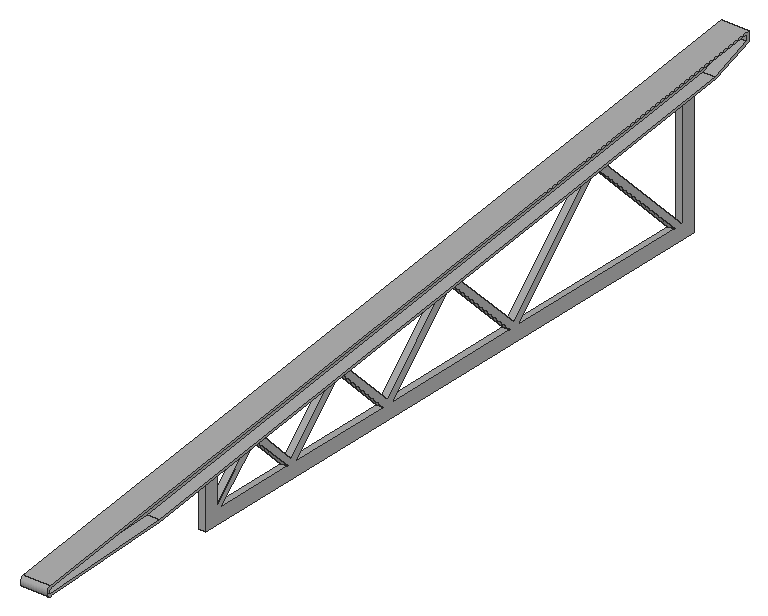
Revit family "STC_A3-Truss-2", category Structural Framing, Revit 2016
Family settings
  Section Shape = Not Defined
  Material for Model Behavior = Other
  Always export as geometry = No
  Work Plane-Based = No
  Always vertical = Yes
  Cut with Voids When Loaded = No
  Symbolic Representation = From Family
  Shared = No
  Show family pre-cut in plan views = Yes
Parameters (values of type "Truss")
  Assembly Code = ""
Reference planes
  plane 1 "Center (Front/Back)": y = 0
  plane 2: z = 0
  plane 3 "Center (Left/Right)": x = 0
  plane 4: through (0, 227.202, 1283.158) normal (0, -0.1305, 0.9914)
  plane 5: y = -6700
  plane 6: y = -7100
  plane 7: y = 300
  plane 8: through (0, 207.623, 1431.875) normal (0, -0.1305, 0.9914)
  plane 9: y = -230
  plane 10: y = -6470
  plane 11: y = -6585
  plane 12: y = -2065
Forms (mm)
  Extrusion 1, solid, material "Metal - Steel"
    sketch origin (0, 0, 0) x (0, 1, 0) y (0, 0, 1)
      loop
        line (-1650, 1187.315) -> (-8109.789, 336.867)
        arc (-8109.789, 336.867) -> (-8145.426, 301.23) -> (-8109.789, 265.593) r 35.637
        line (-8109.789, 265.593) -> (-7100, 318.514) -> (-1950, 996.524) -> (-1650, 1111.667) -> (-1650, 1187.315)
      loop
        line (-1665, 1170.21) -> (-8108.939, 321.85)
        arc (-8108.939, 321.85) -> (-8130.418, 301.825) -> (-8110.129, 280.596) r 20.637
        line (-8110.129, 280.596) -> (-7101.374, 333.463) -> (-1953.718, 1011.164) -> (-1665, 1121.977) -> (-1665, 1170.21)
    from -100 to 100
  Extrusion 2, solid, material "Metal - Steel"
    sketch origin (0, 0, 0) x (0, 1, 0) y (0, 0, 1)
      loop
        line (-2065, 981.384) -> (-2165, 968.219) -> (-2165, 97.216) -> (-2934.674, 866.89) -> (-3006.632, 857.416) -> (-3728.693, 135.355) -> (-4282.749, 689.412) -> (-4354.707, 679.939) -> (-4899.291, 135.355) -> (-5317.164, 553.229) -> (-5381.543, 544.753) -> (-5790.941, 135.355) -> (-6105.083, 449.497) -> (-6170.092, 440.939) -> (-6485, 134.863) -> (-6485, 399.48) -> (-6585, 386.315) -> (-6585, 0) -> (-2065, 0) -> (-2065, 981.384)
      loop
        line (-3693.337, 100) -> (-2238.495, 100) -> (-2965.916, 827.421) -> (-3693.337, 100)
      loop
        line (-3764.048, 100) -> (-4313.992, 649.944) -> (-4863.935, 100) -> (-3764.048, 100)
      loop
        line (-4934.646, 100) -> (-5345.116, 510.47) -> (-5755.586, 100) -> (-4934.646, 100)
      loop
        line (-6449.131, 100) -> (-5826.296, 100) -> (-6133.284, 406.988) -> (-6449.131, 100)
    from -25 to 25
  Extrusion 3, solid, material "Metal - Steel"
    sketch origin (0, 0, 0) x (0, 1, 0) y (0, 0, 1)
      loop
        line (-1665, 1170.21) -> (-8108.939, 321.85)
        arc (-8108.939, 321.85) -> (-8130.418, 301.825) -> (-8110.129, 280.596) r 20.637
        line (-8110.129, 280.596) -> (-7101.374, 333.463) -> (-1953.718, 1011.164) -> (-1665, 1121.977) -> (-1665, 1170.21)
    from -5 to 5
